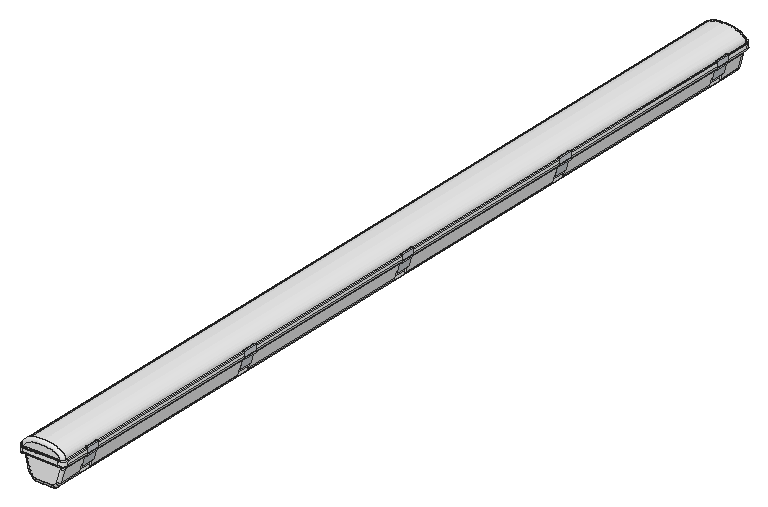
Revit family "0048750 Feilo Sylvania Lighting Fixture SYLPRF SUP LED G3 1500MM S 4K QC MW", category Lighting Fixtures, host Face, Revit 2016
Family settings
  Host = Face
  Part Type = Normal
  Round Connector Dimension = Use Diameter
  OmniClass Number = 23.80.70.11.14
  OmniClass Title = General Luminaries, Directional
  Cut with Voids When Loaded = No
  Light Source = Yes
  Shared = No
  Room Calculation Point = No
Parameters (values of type "0048750 SYLPRF SUP LED G3 1500MM S 4K QC MW")
  Width = 84 mm
  Weight = "2.14 kg"
  Wattage Comments = "n/a"
  Wattage = 31 W
  WarrantyStartDate [instance] = "n/a"
  WarrantyGuarantorParts = "n/a"
  WarrantyDurationUnit = "n/a"
  WarrantyDurationParts = "n/a"
  WarrantyDescription = "n/a"
  built-in parameter 1150110 = 1 (stored number, unit not read)
  Voltage = 230 V
  URL = "http://www.sylvania-lighting.com"
  TypeName = "SYLPRF SUP LED G3 1500MM S 4K QC MW"
  Type Image = <None>
  Type Comments = "n/a"
  built-in parameter 1114217 = 1 (stored number, unit not read)
  Tilt Angle = -90.00°
  built-in parameter 1150109 = 1 (stored number, unit not read)
  built-in parameter 1150134 = 12
  built-in parameter 1150113 = 1 (stored number, unit not read)
  SerialNumber [instance] = "n/a"
  ReflectorMaterial = none
  PowerFactor = 0
  PowerConsumption = "31 W"
  Photometric Web File = "0048750.ies"
  NominalWidth = 0 mm
  NominalLength = 1578 mm
  NominalHeight = 75 mm
  Name = "SYLPRF SUP LED G3 1500MM S 4K QC MW"
  ModelReference = "SYLPRF SUP LED G3 1500MM S 4K QC MW"
  ModelNumber = "0048750"
  Model = "SYLPRF SUP LED G3 1500MM S 4K QC MW"
  Material = "polycarbonate housing, polycarbonate diffuser"
  ManufacturerName = "Feilo Sylvania"
  Manufacturer = "Feilo Sylvania"
  LuminousEfficacy = "155 lm/W"
  built-in parameter 1150105 = 382.37 (stored number, unit not read)
  Lumens = 4805 lm
  LuminaireType = ""
  built-in parameter 1150115 = 1 (stored number, unit not read)
  LightOutputRatio = "n/a"
  built-in parameter 1150137 = (empty or 0)
  built-in parameter 1150139 = (empty or 0)
  Length = 1572 mm
  LampsType = Lamp  # "LED"
  LampNominalLuminous = "4800 lm"
  LampMacAdamStep = "3"
  LampColourTemperature = "4000 K"
  LampColourRenderingIndex = "80"
  built-in parameter 1150112 = 1 (stored number, unit not read)
  built-in parameter 1150114 = 1 (stored number, unit not read)
  Lamp = "LED"
  Keynote = "16500"
  InstallationDate [instance] = "n/a"
  InputVoltage = "220-240V~"
  InputNominalFrequency = "50/60 Hz"
  built-in parameter 1150132 = (empty or 0)
  built-in parameter 1150102 = (empty or 0)
  built-in parameter 1150107 = 4000 (stored number, unit not read)
  built-in parameter 1150138 = (empty or 0)
  IngressProtection = "IP65"
  ImpactProtectionIndex = "IK08"
  built-in parameter 1150106 = 3.8237 (stored number, unit not read)
  IfcExportType = "IfcLightFixtureType"
  IfcExportAs = "IfcLightFixtureType"
  ExpectedLife = 50000
  Emit from Rectangle Width = Width - 20 mm  # 64 mm
  Emit from Rectangle Length = Length - 20 mm  # 1552 mm
  Emit Shape Visible in Rendering = no
  ElectricShockClassification = "Class I"
  built-in parameter 1150104 = 14.4 (stored number, unit not read)
  DurationUnit = "hours"
  DocumentationLiterature = "http://www.sylvania-lighting.com/product/en-int/products/0048750"
  DimmingControlOptions = "Non dimmable"
  Dimming Lamp Color Temperature Shift = <None>
  DiffuserMaterial = Diffuser-Sylvania-Transparent
  Description = "Sylproof Superia, integrated LED weatherproof luminaire with quick connector, with UV stabilized flat diffuser and linear prisms designed to achieve uniform lit appearance, optimise light output and to reduce glare, stainless steel diffuser clips and fixing brackets for surface and wall mounting. L 1578 mm x W 84 mm x H 75 mm size, Polycarbonate housing, Polycarbonate diffuser, Non dimmable,   4000K, CRI80,  4800 lm, 31 W, 155 lm/W, nominal average life (h):50000, energy class: A++ A+ A Class I,IK08, IP65."
  Default Elevation = 1219.2 mm
  CreatedOn = "3/27/2018"
  CreatedBy = "aron.fodor@feilosylvania.com"
  Cost = 0
  Color Filter = 16777215
  built-in parameter 1114216 [instance] = (empty or 0)
  ClassificationValue = "EF_70_80"
  ClassificationName = "Uniclass2015"
  BodyMaterial = Body-Sylvania-Gray
  BarCode [instance] = "n/a"
  built-in parameter 1114218 = 1 (stored number, unit not read)
  built-in parameter 1150133 = 10 (stored number, unit not read)
  AssetType = "Fixed"
  AssetIdentifier [instance] = "n/a"
  Assembly Code = "D5020200"
  Apparent Load = 31 VA
  AccessoryMaterial = Diffuser-Sylvania-Glow
Reference planes
  plane 1 "Center (Front/Back)": y = 0
  plane 2: z = 0
  plane 3 "Center (Left/Right)": x = 0
  plane 4: z = 54
  plane 5: x = -14.7
  plane 6: x = -21.8
  plane 7: x = -26.6
  plane 8: x = -29.2
  plane 9: z = 3
  plane 10: z = 7.8
  plane 11: z = 12.3
  plane 12: z = 36.6
  plane 13: z = 42.8
  plane 14: x = -38.1
  plane 15: z = 46.2
  plane 16: x = -42
  plane 17: y = 786
  plane 18: y = -786
  plane 19: x = 14.7
  plane 20: x = 21.8
  plane 21: x = 26.6
  plane 22: x = 29.2
  plane 23: x = 38.1
  plane 24: x = 42
  plane 25: y = 778.4
  plane 26: y = -778.4
  plane 27: y = -774.7
  plane 28: y = 774.7
  plane 29: z = 74
  plane 30: x = -38.5
  plane 31: x = 38.5
  plane 32: z = 55.2
  plane 33: y = -782.5
  plane 34: y = 782.5
  plane 35: x = -24.5
  plane 36: x = 24.5
  plane 37: x = -35.7
  plane 38: x = 35.7
  plane 39: z = 50.2
  plane 40: z = 24.6
  plane 41: y = -720
  plane 42: y = -734
  plane 43: y = -706
  plane 44: y = 720
  plane 45: y = -720
  plane 46: y = -734
  plane 47: y = -706
  plane 48: y = 720
  plane 49: y = 706
  plane 50: y = 734
  plane 51: y = -360
  plane 52: y = -374
  plane 53: y = -346
  plane 54: y = 0
  plane 55: y = -14
  plane 56: y = 14
  plane 57: y = 360
  plane 58: y = 346
  plane 59: y = 374
Forms (mm)
  Sweep 1, solid, material "Body-Sylvania-Gray" <- "BodyMaterial", detail levels medium+fine
    path origin (1223.4, -4572, 54) x (0, -1, 0) y (1, 0, 0)
      loop
        arc (-3796, -1265.4) -> (-3788.929, -1262.471) -> (-3786, -1255.4) r 10
        line (-3786, -1255.4) -> (-3786, -1191.4)
        arc (-3786, -1191.4) -> (-3788.929, -1184.329) -> (-3796, -1181.4) r 10
        line (-3796, -1181.4) -> (-5348, -1181.4)
        arc (-5348, -1181.4) -> (-5355.071, -1184.329) -> (-5358, -1191.4) r 10
        line (-5358, -1191.4) -> (-5358, -1255.4)
        arc (-5358, -1255.4) -> (-5355.071, -1262.471) -> (-5348, -1265.4) r 10
        line (-5348, -1265.4) -> (-3796, -1265.4)
    profile origin (-42, 0, 54) x (-1, 0, 0) y (0, 0, 1)
      loop
        line (0, 0) -> (-1, 0) -> (-1, -7.726)
        arc (-1, -7.726) -> (-1.994, -9.498) -> (-3.9, -10.2) r 2.937
        line (-3.9, -10.2) -> (-8.571, -10.2) -> (-8.571, -11.2) -> (-3.9, -11.2)
        arc (-3.9, -11.2) -> (-1.313, -10.231) -> (0, -7.8) r 3.937
        line (0, -7.8) -> (0, 0)
  Sweep 2, solid, material "Body-Sylvania-Gray" <- "BodyMaterial", detail levels medium+fine
    path origin (0, 0, 0) x (1, 0, 0) y (0, 0, 1)
      loop
        line (35.7, 42.8) -> (35.7, 36.6) -> (29.203, 12.31)
        arc (29.203, 12.31) -> (28.199, 9.884) -> (26.6, 7.8) r 10.052
        line (26.6, 7.8) -> (21.8, 3)
        arc (21.8, 3) -> (18.554, 0.781) -> (14.7, 0) r 9.902
        line (14.7, 0) -> (0, 0) -> (-14.7, 0)
        arc (-14.7, 0) -> (-18.554, 0.781) -> (-21.8, 3) r 9.902
        line (-21.8, 3) -> (-26.6, 7.8)
        arc (-26.6, 7.8) -> (-28.199, 9.884) -> (-29.203, 12.31) r 10.052
        line (-29.203, 12.31) -> (-35.7, 36.6) -> (-35.7, 42.8)
    profile origin (0, 0, 0) x (0, 0, -1) y (0, -1, 0)
      loop
        arc (0, 773.4) -> (-1.464, 776.936) -> (-5, 778.4) r 5
        line (-5, 778.4) -> (-7.8, 778.4) -> (-7.8, -778.4) -> (-5, -778.4)
        arc (-5, -778.4) -> (-1.464, -776.936) -> (0, -773.4) r 5
        line (0, -773.4) -> (0, 773.4)
  Extrusion 3, solid, material "Body-Sylvania-Gray" <- "BodyMaterial", detail levels medium+fine
    sketch origin (1524, 778.4, 1219.2) x (1, 0, 0) y (0, 0, 1)
      loop
        arc (-1545.668, -1204.874) -> (-1545.443, -1205.418) -> (-1545.085, -1205.885) r 2.252
        line (-1545.085, -1205.885) -> (-1540.231, -1210.738)
        arc (-1540.231, -1210.738) -> (-1539.534, -1211.227) -> (-1538.7, -1211.4) r 2.102
        line (-1538.7, -1211.4) -> (-1509.3, -1211.4)
        arc (-1509.3, -1211.4) -> (-1508.466, -1211.227) -> (-1507.769, -1210.738) r 2.102
        line (-1507.769, -1210.738) -> (-1502.915, -1205.885)
        arc (-1502.915, -1205.885) -> (-1502.557, -1205.418) -> (-1502.332, -1204.874) r 2.252
        line (-1502.332, -1204.874) -> (-1496.1, -1181.575) -> (-1496.1, -1176.4) -> (-1551.9, -1176.4) -> (-1551.9, -1181.575) -> (-1545.668, -1204.874)
    from 0 to 1556.8
  Sweep 4, solid, material "Diffuser-Sylvania-Transparent" <- "DiffuserMaterial", detail levels medium+fine
    path origin (0, 0, 0) x (1, 0, 0) y (0, 0, 1)
      loop
        spline (-38.5, 55.2) -> (-37.188, 60.066) -> (-33.342, 64.6) -> (-27.224, 68.494) -> (-19.25, 71.481) -> (-9.965, 73.359) -> (0, 74) -> (9.965, 73.359) -> (19.25, 71.481) -> (27.224, 68.494) -> (33.342, 64.6) -> (37.188, 60.066) -> (38.5, 55.2)
    profile origin (38.5, 0, 55.2) x (0, -1, 0) y (1, 0, 0)
      loop
        arc (782.5, -5.5) -> (780.889, -1.611) -> (777, 0) r 5.5
        line (777, 0) -> (-777, 0)
        arc (-777, 0) -> (-780.889, -1.611) -> (-782.5, -5.5) r 5.5
        line (-782.5, -5.5) -> (-782.5, -6.3) -> (-781.5, -6.3) -> (-781.5, -5.5)
        arc (-781.5, -5.5) -> (-780.182, -2.318) -> (-777, -1) r 4.5
        line (-777, -1) -> (777, -1)
        arc (777, -1) -> (780.182, -2.318) -> (781.5, -5.5) r 4.5
        line (781.5, -5.5) -> (781.5, -6.347) -> (782.5, -6.347) -> (782.5, -5.5)
  Extrusion 5, solid, material "Diffuser-Sylvania-Transparent" <- "DiffuserMaterial", detail levels medium+fine
    sketch origin (1524, -782.5, 1219.2) x (1, 0, 0) y (0, 0, 1)
      loop
        line (-1556.653, -1164) -> (-1491.347, -1164)
        spline (-1491.347, -1164) -> (-1491.939, -1161.945) -> (-1494.434, -1159.066) -> (-1499.342, -1155.96) -> (-1506.338, -1153.35) -> (-1514.799, -1151.648) -> (-1524, -1151.047) -> (-1533.201, -1151.648) -> (-1541.662, -1153.35) -> (-1548.658, -1155.96) -> (-1553.566, -1159.066) -> (-1556.061, -1161.945) -> (-1556.653, -1164)
    from 0 to -1
  Extrusion 6, solid, material "Diffuser-Sylvania-Transparent" <- "DiffuserMaterial", detail levels medium+fine
    sketch origin (1524, 782.5, 1219.2) x (1, 0, 0) y (0, 0, 1)
      loop
        spline (-1491.3, -1164) -> (-1491.898, -1161.922) -> (-1494.404, -1159.03) -> (-1499.322, -1155.918) -> (-1506.325, -1153.305) -> (-1514.793, -1151.602) -> (-1524, -1151) -> (-1533.207, -1151.602) -> (-1541.675, -1153.305) -> (-1548.678, -1155.918) -> (-1553.596, -1159.03) -> (-1556.102, -1161.922) -> (-1556.7, -1164)
        line (-1556.7, -1164) -> (-1491.3, -1164)
    from 0 to 1
  Extrusion 7, solid, material "Diffuser-Sylvania-Glow" <- "AccessoryMaterial", detail levels fine
    sketch origin (0, 0, 0) x (1, 0, 0) y (0, 0, 1)
      loop
        circle (0, 50.2) r 8
    from -774.7 to 774.7
  Extrusion 8, void
    sketch origin (0, -720, 2343.807) x (0, 0, -1) y (-1, 0, 0)
      loop
        line (2340.807, -24.5) -> (2331.507, -24.5) -> (2319.207, -29.2) -> (2319.207, -35.7) -> (2340.807, -35.7) -> (2340.807, -24.5)
      loop
        line (2340.807, 24.5) -> (2340.807, 35.7) -> (2319.207, 35.7) -> (2319.207, 29.2) -> (2331.507, 24.5) -> (2340.807, 24.5)
    from 14 to -14
  Extrusion 9, void, not visible
    sketch origin (0, -720, 2343.807) x (0, 0, -1) y (-1, 0, 0)
      loop
        line (2340.807, -24.5) -> (2331.507, -24.5) -> (2319.207, -29.2) -> (2319.207, -35.7) -> (2340.807, -35.7) -> (2340.807, -24.5)
      loop
        line (2340.807, 24.5) -> (2340.807, 35.7) -> (2319.207, 35.7) -> (2319.207, 29.2) -> (2331.507, 24.5) -> (2340.807, 24.5)
    from 14 to -14
  Extrusion 10, void
    sketch origin (0, 720, 2343.807) x (0, 0, -1) y (-1, 0, 0)
      loop
        line (2340.807, -24.5) -> (2331.507, -24.5) -> (2319.207, -29.2) -> (2319.207, -35.7) -> (2340.807, -35.7) -> (2340.807, -24.5)
      loop
        line (2340.807, 24.5) -> (2340.807, 35.7) -> (2319.207, 35.7) -> (2319.207, 29.2) -> (2331.507, 24.5) -> (2340.807, 24.5)
    from 14 to -14
  Extrusion 11, void
    sketch origin (0, -360, 2343.807) x (0, 0, -1) y (-1, 0, 0)
      loop
        line (2340.807, -24.5) -> (2331.507, -24.5) -> (2319.207, -29.2) -> (2319.207, -35.7) -> (2340.807, -35.7) -> (2340.807, -24.5)
      loop
        line (2340.807, 24.5) -> (2340.807, 35.7) -> (2319.207, 35.7) -> (2319.207, 29.2) -> (2331.507, 24.5) -> (2340.807, 24.5)
    from 14 to -14
  Extrusion 12, void
    sketch origin (0, 0, 2343.807) x (0, 0, -1) y (-1, 0, 0)
      loop
        line (2340.807, -24.5) -> (2331.507, -24.5) -> (2319.207, -29.2) -> (2319.207, -35.7) -> (2340.807, -35.7) -> (2340.807, -24.5)
      loop
        line (2340.807, 24.5) -> (2340.807, 35.7) -> (2319.207, 35.7) -> (2319.207, 29.2) -> (2331.507, 24.5) -> (2340.807, 24.5)
    from 14 to -14
  Extrusion 13, void
    sketch origin (0, 360, 2343.807) x (0, 0, -1) y (-1, 0, 0)
      loop
        line (2340.807, -24.5) -> (2331.507, -24.5) -> (2319.207, -29.2) -> (2319.207, -35.7) -> (2340.807, -35.7) -> (2340.807, -24.5)
      loop
        line (2340.807, 24.5) -> (2340.807, 35.7) -> (2319.207, 35.7) -> (2319.207, 29.2) -> (2331.507, 24.5) -> (2340.807, 24.5)
    from 14 to -14
  Extrusion 14, solid, material "Diffuser-Sylvania-Transparent" <- "DiffuserMaterial", detail levels medium+fine
    sketch origin (1223.4, -4572, 54) x (0, -1, 0) y (-1, 0, 0)
      loop
        arc (-5348, 1265.4) -> (-5355.071, 1262.471) -> (-5358, 1255.4) r 10
        line (-5358, 1255.4) -> (-5358, 1191.4)
        arc (-5358, 1191.4) -> (-5355.071, 1184.329) -> (-5348, 1181.4) r 10
        line (-5348, 1181.4) -> (-3796, 1181.4)
        arc (-3796, 1181.4) -> (-3788.929, 1184.329) -> (-3786, 1191.4) r 10
        line (-3786, 1191.4) -> (-3786, 1255.4)
        arc (-3786, 1255.4) -> (-3788.929, 1262.471) -> (-3796, 1265.4) r 10
        line (-3796, 1265.4) -> (-5348, 1265.4)
      loop
        arc (-5354.5, 1190.394) -> (-5352.887, 1186.509) -> (-5349, 1184.9) r 5.5
        line (-5349, 1184.9) -> (-3795, 1184.9)
        arc (-3795, 1184.9) -> (-3791.113, 1186.509) -> (-3789.5, 1190.394) r 5.5
        line (-3789.5, 1190.394) -> (-3789.5, 1256.406)
        arc (-3789.5, 1256.406) -> (-3791.113, 1260.291) -> (-3795, 1261.9) r 5.5
        line (-3795, 1261.9) -> (-5349, 1261.9)
        arc (-5349, 1261.9) -> (-5352.887, 1260.291) -> (-5354.5, 1256.406) r 5.5
        line (-5354.5, 1256.406) -> (-5354.5, 1190.394)
    from 0 to -1.2
  Extrusion 15, solid, material "Body-Sylvania-Gray" <- "BodyMaterial", detail levels coarse
    sketch origin (0, 0, 0) x (1, 0, 0) y (0, 0, 1)
      loop
        line (-42, 55.2) -> (-42, 42.8) -> (-26.6, 0) -> (26.6, 0) -> (42, 42.8) -> (42, 55.2) -> (-42, 55.2)
    from -786 to 786
  Extrusion 16, solid, material "Diffuser-Sylvania-Transparent" <- "DiffuserMaterial", detail levels coarse
    sketch origin (0, 0, 0) x (1, 0, 0) y (0, 0, 1)
      loop
        line (-38.5, 55.2) -> (38.5, 55.2)
        arc (38.5, 55.2) -> (0, 74) -> (-38.5, 55.2) r 48.822
    from -778.4 to 778.4
Cuts and joins
  Extrusion 8, Extrusion 10, Extrusion 11, Extrusion 12, Extrusion 13 cuts Sweep 2
  Extrusion 8, Extrusion 10, Extrusion 11, Extrusion 12, Extrusion 13 cuts Extrusion 3
  joined: Sweep 2, Extrusion 3
  joined: Sweep 4, Extrusion 5, Extrusion 6, Extrusion 14
Dimensions and locks
  locked: plane 4 to plane 2 at 54
  plane 5 to plane 6 to plane 7 to plane 8 to plane 14 to plane 16 = 7.1 mm locked, 4.8 mm locked, 2.6 mm locked, 8.9 mm locked, 3.9 mm locked
  plane 4 to plane 15 to plane 13 to plane 12 to plane 11 to plane 10 to plane 9 = 7.8 mm locked, 3.4 mm, 6.2 mm locked, 24.3 mm locked, 4.5 mm locked, 4.8 mm locked
  equal spacing: plane 18, plane 1 "Center (Front/Back)", plane 17
  "Length": plane 18 to plane 17
  plane 19 to plane 20 to plane 21 to plane 22 to plane 23 to plane 24 = 7.1 mm locked, 4.8 mm locked, 2.6 mm locked, 8.9 mm, 3.9 mm
  equal spacing: plane 24, plane 3 "Center (Left/Right)", plane 16
  "Width": plane 24 to plane 16
  equal spacing: plane 27, plane 1 "Center (Front/Back)", plane 28
  locked: plane 26 to plane 27 at 3.7
  locked: Sweep 1 sketch curve to profile plane at 1
  locked: Sweep 1 sketch curve to plane 13 at 1
  locked: Sweep 1 sketch curve to plane 13 at 3.937  (x2)
  locked: Sweep 1 sketch curve to profile plane at 3.9  (x2)
  plane 29 to plane 4 = 20 mm
  equal spacing: plane 31, plane 3 "Center (Left/Right)", plane 30
  locked: plane 30 to plane 16 at 3.5
  locked: plane 32 to plane 4 at 1.2
  equal spacing: plane 33, plane 1 "Center (Front/Back)", plane 34
  equal spacing: plane 36, plane 3 "Center (Left/Right)", plane 35
  locked: plane 34 to plane 17 at 3.5
  equal spacing: plane 38, plane 3 "Center (Left/Right)", plane 37
  locked: plane 37 to plane 16 at 6.3
  equal spacing: plane 25, plane 1 "Center (Front/Back)", plane 26
  locked: plane 17 to plane 25 at 7.6
  locked: Sweep 2 sketch curve to plane 2 at 5  (x2)
  locked: Sweep 2 sketch curve to plane 26 at 5
  locked: plane 25 to Sweep 2 sketch curve at 5
  locked: Sweep 4 sketch curve to plane 31 at 5.5  (x2)
  locked: Sweep 4 sketch curve to plane 34 at 5.5
  plane 33 to Sweep 4 sketch curve = 5.5 mm
  locked: plane 34 to Sweep 4 sketch curve at 1
  locked: Sweep 4 sketch curve to plane 31 at 1
  locked: Sweep 4 sketch curve to Sweep 4 sketch curve at 1
  locked: Sweep 4 sketch curve to plane 31 at 6.347
  locked: Sweep 4 sketch curve to plane 31 at 6.3
  locked: plane 40 to plane 2 at 24.6
  locked: plane 6 to plane 35 at 2.7
  locked: plane 1 "Center (Front/Back)" to plane 41 at 720
  plane 43 to plane 41 to plane 42 = 14 mm locked, 14 mm locked
  locked: plane 44 to plane 1 "Center (Front/Back)" at 720
  plane 47 to plane 45 to plane 46 = 14 mm locked, 14 mm locked
  plane 50 to plane 48 to plane 49 = 14 mm locked, 14 mm locked  (x2)
  equal spacing: group 1, group 6, group 7, group 8, group 5  (x3)
  plane 53 to plane 51 to plane 52 = 14 mm locked, 14 mm locked  (x2)
  plane 56 to plane 54 to plane 55 = 14 mm locked, 14 mm locked  (x2)
  plane 59 to plane 57 to plane 58 = 14 mm locked, 14 mm locked  (x2)
  plane 48 to plane 57 to plane 1 "Center (Front/Back)" to plane 51 to plane 41 = 360 mm locked, 360 mm locked, 360 mm locked, 360 mm locked
  aligned and locked: plane 2 to host face
  aligned and locked: level to host face
  aligned and locked: plane 16 to Sweep 1 sketch curve
  aligned and locked: Sweep 1 sketch curve to plane 24
  aligned and locked: plane 18 to Sweep 1 sketch curve
  aligned and locked: Sweep 1 sketch curve to plane 13
  aligned and locked: profile plane to Sweep 1 sketch curve
  aligned and locked: plane 3 "Center (Left/Right)" to Sweep 2 sketch curve
  aligned and locked: plane 9 to Sweep 2 sketch curve
  aligned and locked: plane 10 to Sweep 2 sketch curve
  aligned and locked: plane 37 to Sweep 2 sketch curve
  aligned and locked: plane 12 to Sweep 2 sketch curve
  aligned and locked: Sweep 2 sketch curve to level
  aligned and locked: plane 21 to Sweep 2 sketch curve
  aligned and locked: plane 38 to Sweep 2 sketch curve
  aligned and locked: profile plane to Sweep 2 sketch curve
  aligned and locked: plane 25 to Sweep 2 sketch curve
  aligned and locked: Sweep 2 sketch curve to plane 10
  aligned and locked: Extrusion 3 sketch curve to Sweep 2  (x7)
  aligned and locked: Sweep 2 to Extrusion 3 sketch curve
  aligned and locked: Extrusion 3 to plane 25
  aligned and locked: plane 26 to Extrusion 3
  aligned and locked: plane 32 to Sweep 4 sketch curve
  aligned and locked: plane 33 to Sweep 4 sketch curve
  aligned and locked: Sweep 4 to Extrusion 5
  aligned and locked: plane 33 to Extrusion 5
  aligned and locked: plane 39 to Extrusion 7 sketch curve
  aligned and locked: plane 27 to Extrusion 7
  aligned and locked: Extrusion 7 to plane 28
  aligned and locked: Extrusion 6 sketch curve to Sweep 4
  aligned and locked: Extrusion 5 sketch curve to Sweep 4
  aligned and locked: Extrusion 8 to plane 43
  aligned and locked: plane 42 to Extrusion 8
  aligned and locked: Extrusion 10 to plane 50
  aligned and locked: plane 49 to Extrusion 10
  aligned and locked: Extrusion 11 to plane 53
  aligned and locked: plane 52 to Extrusion 11
  aligned and locked: Extrusion 12 to plane 56
  aligned and locked: plane 55 to Extrusion 12
  aligned and locked: Extrusion 13 to plane 59
  aligned and locked: plane 58 to Extrusion 13
  aligned and locked: plane 3 "Center (Left/Right)" to Extrusion 7 sketch curve
  aligned and locked: Extrusion 14 sketch curve to Sweep 1  (x4)
  aligned and locked: Extrusion 14 to plane 32
  aligned and locked: plane 4 to Extrusion 14
  aligned and locked: plane 48 to nested 1
  aligned and locked: plane 57 to nested 2
  aligned and locked: plane 54 to nested 3
  aligned and locked: nested 4 to plane 51
  aligned and locked: nested 5 to plane 41
  aligned and locked: plane 41 to nested 10
  aligned and locked: plane 51 to nested 9
  aligned and locked: plane 54 to nested 8
  aligned and locked: plane 57 to nested 7
  aligned and locked: plane 48 to nested 6
  aligned and locked: plane 1 "Center (Front/Back)" to imposter light
  aligned and locked: plane 3 "Center (Left/Right)" to imposter light
  aligned and locked: imposter light to plane 29
  aligned and locked: plane 7 to Extrusion 15 sketch curve
  aligned and locked: plane 2 to Extrusion 15 sketch curve
  aligned and locked: Extrusion 15 sketch curve to nested 6
  aligned and locked: Extrusion 15 sketch curve to nested 1
  aligned and locked: plane 18 to Extrusion 15
  aligned and locked: Extrusion 15 to plane 17
  aligned and locked: Extrusion 15 to Sweep 1  (x2)
  aligned and locked: plane 30 to Extrusion 16 sketch curve
  aligned and locked: plane 31 to Extrusion 16 sketch curve
  aligned and locked: Extrusion 16 sketch curve to cut or joined group of Sweep 4, Extrusion 5, Extrusion 6, Extrusion 14
  aligned and locked: Extrusion 16 to plane 25
  aligned and locked: plane 26 to Extrusion 16
Automatic sketch dimensions
  host sketch curve to host sketch curve = 2438.4 mm  (x2)
  plane 17 to Sweep 1 sketch curve = 0 mm
  Sweep 1 sketch curve to plane 28 = 1.3 mm
  Sweep 1 sketch curve to plane 7 = 5.4 mm
  plane 27 to Sweep 1 sketch curve = 1.3 mm  (x2)
  Sweep 1 sketch curve to Sweep 1 sketch curve = 4.671 mm
  Sweep 1 sketch curve to plane 4 = 0 mm
  Sweep 2 sketch curve to plane 7 = 0 mm
  Sweep 2 sketch curve to plane 6 = 0 mm
  Sweep 2 sketch curve to plane 5 = 0 mm
  plane 19 to Sweep 2 sketch curve = 0 mm
  Sweep 2 sketch curve to plane 9 = 0 mm
  plane 20 to Sweep 2 sketch curve = 0 mm
  Sweep 2 sketch curve to plane 12 = 0 mm
  Sweep 2 sketch curve to plane 10 = 0 mm
  Sweep 2 sketch curve to plane 13 = 0 mm  (x2)
  Sweep 2 sketch curve to plane 8 = 0.003 mm
  plane 6 to Sweep 2 sketch curve = 2.308 mm
  plane 20 to Sweep 2 sketch curve = 2.308 mm
  Sweep 2 sketch curve to plane 22 = 0.003 mm
  Sweep 2 sketch curve to plane 11 = 0.01 mm  (x2)
  Extrusion 3 sketch curve to plane 5 = 0 mm
  plane 19 to Extrusion 3 sketch curve = 0 mm
  plane 6 to Extrusion 3 sketch curve = 0.132 mm
  plane 6 to Extrusion 3 sketch curve = 0.715 mm
  Extrusion 3 sketch curve to Extrusion 3 sketch curve = 1.592 mm
  Extrusion 3 sketch curve to plane 10 = 0.662 mm  (x2)
  plane 20 to Extrusion 3 sketch curve = 2.308 mm
  plane 20 to Extrusion 3 sketch curve = 0.715 mm
  plane 20 to Extrusion 3 sketch curve = 0.132 mm
  Sweep 4 sketch curve to plane 30 = 0 mm
  Sweep 4 sketch curve to plane 3 "Center (Left/Right)" = 0 mm
  Sweep 4 sketch curve to Sweep 4 sketch curve = 0 mm  (x2)
  plane 37 to Extrusion 6 sketch curve = 3 mm
  Extrusion 6 sketch curve to plane 38 = 3 mm
  plane 37 to Extrusion 5 sketch curve = 3.047 mm
  Extrusion 5 sketch curve to plane 38 = 3.047 mm
  Extrusion 8 sketch curve to Extrusion 8 sketch curve = 0 mm
  Extrusion 8 sketch curve to Extrusion 8 sketch curve = 12.3 mm  (x2)
  Extrusion 8 sketch curve to Extrusion 8 sketch curve = 9.3 mm  (x2)
  Extrusion 8 sketch curve to Extrusion 8 sketch curve = 6.5 mm  (x2)
  Extrusion 8 sketch curve to Extrusion 8 sketch curve = 4.7 mm  (x2)
  Extrusion 8 sketch curve to Extrusion 8 sketch curve = 49 mm
  Extrusion 9 sketch curve to Extrusion 9 sketch curve = 0 mm
  Extrusion 9 sketch curve to Extrusion 9 sketch curve = 12.3 mm  (x2)
  Extrusion 9 sketch curve to Extrusion 9 sketch curve = 9.3 mm  (x2)
  Extrusion 9 sketch curve to Extrusion 9 sketch curve = 6.5 mm  (x2)
  Extrusion 9 sketch curve to Extrusion 9 sketch curve = 4.7 mm  (x2)
  Extrusion 9 sketch curve to Extrusion 9 sketch curve = 49 mm
  Extrusion 10 sketch curve to Extrusion 10 sketch curve = 0 mm
  Extrusion 10 sketch curve to Extrusion 10 sketch curve = 12.3 mm  (x2)
  Extrusion 10 sketch curve to Extrusion 10 sketch curve = 9.3 mm  (x2)
  Extrusion 10 sketch curve to Extrusion 10 sketch curve = 6.5 mm  (x2)
  Extrusion 10 sketch curve to Extrusion 10 sketch curve = 4.7 mm  (x2)
  Extrusion 10 sketch curve to Extrusion 10 sketch curve = 49 mm
  Extrusion 11 sketch curve to Extrusion 11 sketch curve = 0 mm
  Extrusion 11 sketch curve to Extrusion 11 sketch curve = 12.3 mm  (x2)
  Extrusion 11 sketch curve to Extrusion 11 sketch curve = 9.3 mm  (x2)
  Extrusion 11 sketch curve to Extrusion 11 sketch curve = 6.5 mm  (x2)
  Extrusion 11 sketch curve to Extrusion 11 sketch curve = 4.7 mm  (x2)
  Extrusion 11 sketch curve to Extrusion 11 sketch curve = 49 mm
  Extrusion 12 sketch curve to Extrusion 12 sketch curve = 0 mm
  Extrusion 12 sketch curve to Extrusion 12 sketch curve = 12.3 mm  (x2)
  Extrusion 12 sketch curve to Extrusion 12 sketch curve = 9.3 mm  (x2)
  Extrusion 12 sketch curve to Extrusion 12 sketch curve = 6.5 mm  (x2)
  Extrusion 12 sketch curve to Extrusion 12 sketch curve = 4.7 mm  (x2)
  Extrusion 12 sketch curve to Extrusion 12 sketch curve = 49 mm
  Extrusion 13 sketch curve to Extrusion 13 sketch curve = 0 mm
  Extrusion 13 sketch curve to Extrusion 13 sketch curve = 12.3 mm  (x2)
  Extrusion 13 sketch curve to Extrusion 13 sketch curve = 9.3 mm  (x2)
  Extrusion 13 sketch curve to Extrusion 13 sketch curve = 6.5 mm  (x2)
  Extrusion 13 sketch curve to Extrusion 13 sketch curve = 4.7 mm  (x2)
  Extrusion 13 sketch curve to Extrusion 13 sketch curve = 49 mm
  Extrusion 14 sketch curve to plane 34 = 0 mm
  plane 30 to Extrusion 14 sketch curve = 0 mm
  Extrusion 14 sketch curve to plane 31 = 0 mm
  plane 33 to Extrusion 14 sketch curve = 0 mm
  plane 25 to Extrusion 14 sketch curve = 1.4 mm  (x4)
  Extrusion 14 sketch curve to plane 26 = 1.4 mm  (x4)
  plane 37 to Extrusion 14 sketch curve = 2.694 mm  (x2)
  Extrusion 14 sketch curve to plane 38 = 2.694 mm  (x2)
  plane 21 to Extrusion 15 sketch curve = 0 mm
  Extrusion 15 sketch curve to plane 13 = 0 mm  (x2)
  Extrusion 15 sketch curve to plane 32 = 0 mm
  Extrusion 16 sketch curve to plane 40 = 0.578 mm
  radius of Extrusion 7 sketch curve = 8 mm
Nested families
  nested 1: "Clip" at (-29.2, 720, 24.6) x (-1, 0, 0) z (0, 0, 1), type "Clip", detail levels fine
  nested 2: "Clip" at (-29.2, 360, 24.6) x (-1, 0, 0) z (0, 0, 1), type "Clip", detail levels fine
  nested 3: "Clip" at (-29.2, 0, 24.6) x (-1, 0, 0) z (0, 0, 1), type "Clip", detail levels fine
  nested 4: "Clip" at (-29.2, -360, 24.6) x (-1, 0, 0) z (0, 0, 1), type "Clip", detail levels fine
  nested 5: "Clip" at (-29.2, -720, 24.6) x (-1, 0, 0) z (0, 0, 1), type "Clip", detail levels fine
  nested 6: "Clip" at (29.2, 720, 24.6), type "Clip", detail levels fine
  nested 7: "Clip" at (29.2, 360, 24.6), type "Clip", detail levels fine
  nested 8: "Clip" at (29.2, 0, 24.6), type "Clip", detail levels fine
  nested 9: "Clip" at (29.2, -360, 24.6), type "Clip", detail levels fine
  nested 10: "Clip" at (29.2, -720, 24.6), type "Clip", detail levels fine
Connectors
  electrical at (0, 0, 0), driven by "Apparent Load"
    settings: index 1, voltage 230 V, apparent load 31 VA, apparent load phase1 0 VA, apparent load phase2 0 VA, apparent load phase3 0 VA, power factor 0, load classification "Lighting", number of poles 1, system type 30, power factor state 1, is connector primary yes, connector utility no, sub classification motor no, connector description ""
Definition of nested family "Clip"
  Parameters (values of type "Clip")
    URL = "http://www.feilosylvania.com"
    Type Comments = "n/a"
    Model = "n/a"
    Manufacturer = "Feilo Sylvania"
    Keynote = "n/a"
    Description = "n/a"
    Default Elevation = 1219.2 mm
    Cost = 0
    BodyMaterial = none
    Assembly Code = "n/a"
  Reference planes
    plane 1 "Center (Front/Back)": y = 0
    plane 2: z = 0
    plane 3 "Center (Left/Right)": x = 0
    plane 4: x = 3.3
    plane 5: x = 6.5
    plane 6: x = 8.9
    plane 7: x = 12.8
    plane 8: z = 12
    plane 9: z = 18.2
    plane 10: z = 21.6
    plane 11: z = 30.6
    plane 12: x = 9.3
    plane 13: z = 19.2
    plane 14: z = 16.2
    plane 15: x = 10.1
    plane 16: y = 12
    plane 17: y = -12
  Forms (mm)
    Extrusion 1, solid
      sketch origin (-0.8, 0, 0) x (1, 0, 0) y (0, 1, 0)
        loop
          line (-1219.2, 1219.2) -> (-1219.2, -1219.2) -> (1219.2, -1219.2) -> (1219.2, 1219.2) -> (-1219.2, 1219.2)
      from 0 to -304.8
    Extrusion 2, solid
      sketch origin (0, 0, 0) x (1, 0, 0) y (0, 0, 1)
        loop
          line (8.9, 16.2) -> (4.58, 0) -> (0, 0) -> (0, -0.8) -> (5.195, -0.8) -> (9.603, 15.731) -> (13.6, 18.806) -> (13.6, 30.6)
          arc (13.6, 30.6) -> (11.45, 32.75) -> (9.3, 30.6) r 2.15
          line (9.3, 30.6) -> (10.1, 30.6)
          arc (10.1, 30.6) -> (11.45, 31.95) -> (12.8, 30.6) r 1.35
          line (12.8, 30.6) -> (12.8, 19.2) -> (8.9, 16.2)
      from -12 to 12
  Lines and regions (mm)
    reference lines
      curve 1: line (3.3, 0, 0) -> (6.5, 0, 12)
      curve 2: arc (8.9, 0, 18.2) -> (11.488, 0, 19.169) -> (12.8, 0, 21.6) r 3.934
  Dimensions and locks
    plane 7 to plane 6 to plane 5 to plane 4 to plane 3 "Center (Left/Right)" = 3.9 mm locked, 2.4 mm locked, 3.2 mm locked, 3.3 mm locked
    plane 11 to plane 10 to plane 9 to plane 8 to plane 2 = 9 mm locked, 3.4 mm locked, 6.2 mm locked, 12 mm locked
    locked: plane 7 to plane 12 at 3.5
    locked: plane 13 to plane 9 at 1
    locked: plane 9 to plane 14 at 2
    locked: plane 15 to plane 12 at 0.8
    locked: plane 2 to Extrusion 2 sketch curve at 0.8
    locked: Extrusion 2 sketch curve to Extrusion 2 sketch curve at 0.8  (x3)
    locked: plane 7 to Extrusion 2 sketch curve at 1.35
    equal spacing: plane 17, plane 1 "Center (Front/Back)", plane 16
    locked: plane 1 "Center (Front/Back)" to plane 16 at 12
    aligned and locked: plane 2 to Extrusion 1
    aligned and locked: level to Extrusion 1
    aligned and locked: plane 4 to curve 1
    aligned and locked: plane 5 to curve 1
    aligned and locked: plane 6 to curve 2
    aligned and locked: plane 10 to curve 2
    aligned and locked: plane 14 to Extrusion 2 sketch curve
    aligned and locked: plane 13 to Extrusion 2 sketch curve
    aligned and locked: plane 7 to Extrusion 2 sketch curve
    aligned and locked: plane 3 "Center (Left/Right)" to Extrusion 2 sketch curve
    aligned and locked: Extrusion 2 sketch curve to level
    aligned and locked: Extrusion 2 sketch curve to plane 11
    aligned and locked: plane 11 to Extrusion 2 sketch curve
    aligned and locked: Extrusion 2 to plane 16
    aligned and locked: plane 17 to Extrusion 2
  Automatic sketch dimensions
    Extrusion 1 sketch curve to Extrusion 1 sketch curve = 2438.4 mm  (x2)
    curve 2 to plane 7 = 0 mm
    curve 1 to level = 0 mm
    curve 1 to plane 8 = 0 mm
    curve 2 to plane 9 = 0 mm
    plane 6 to curve 2 = 0.002 mm
    Extrusion 2 sketch curve to Extrusion 2 sketch curve = 0 mm
    Extrusion 2 sketch curve to plane 6 = 0 mm
    plane 4 to Extrusion 2 sketch curve = 1.28 mm
